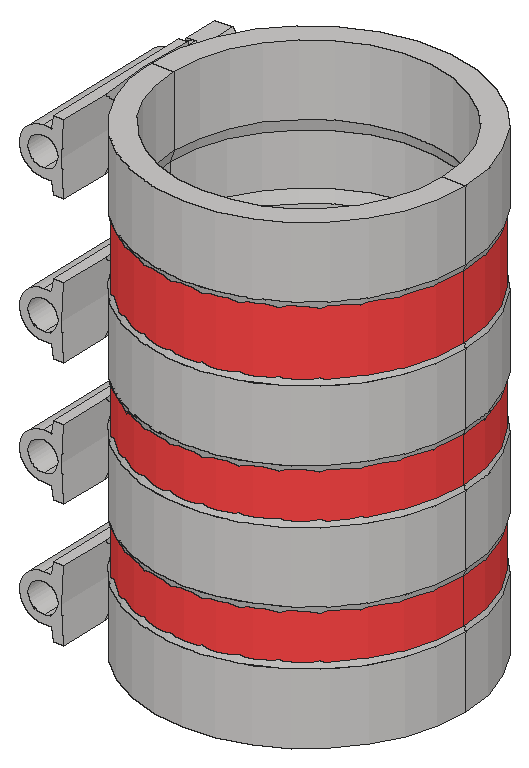
Revit family "MI-XHUB", category Pipe Accessories, Revit 2018
Family settings
  Round Connector Dimension = Use Diameter
  Part Type = Valve - Breaks Into
  Work Plane-Based = No
  Always vertical = Yes
  Cut with Voids When Loaded = No
  Shared = No
Parameters (values of type "MI-XHUB-2")
  W = 0' - 0 29/64"
  URL = "www.mifab.com"
  REDUCING DIAMETER = 0' - 2"
  Option 4 = no
  Option 3 = no
  Option 2 = no
  Option 1 = yes
  Model = "MI-XHUB-43"
  Manufacturer = "MIFAB"
  Diameter_3 = 1' - 3"
  Diameter_1 = 0' - 2"
  Diameter_2 = 0' - 5"
  Description = "Heavy Duty No Hub Coupling"
  C4 OR L4 = 0' - 4"
  C3 OR L3 = 0' - 5 55/128"
  C2 OR L2 = 0' - 4 5/8"
  C1 OR L1 = 0' - 3"
Types (13): name | W | REDUCING DIAMETER | Option 4 | Option 3 | Option 2 | Option 1 | Model | Diameter_3 | Diameter_1 | Diameter_2 | C4 OR L4
  MI-XHUB-2 | 0' - 0 29/64" | 0' - 2" | no | no | no | yes | "MI-XHUB-43" | 1' - 3" | 0' - 2" | 0' - 5" | 0' - 4"
  MI-XHUB-3 | 0' - 0 29/64" | 0' - 3" | no | no | no | yes | "MI-XHUB-3" | 1' - 3" | 0' - 3" | 0' - 5" | 0' - 3"
  MI-XHUB-32 | 0' - 0 29/64" | 0' - 2" | yes | no | no | no | "MI-XHUB-32" | 1' - 3" | 0' - 3" | 0' - 5" | 0' - 4"
  MI-XHUB-4 | 0' - 0 9/16" | 0' - 4" | no | no | no | yes | "MI-XHUB-4" | 1' - 3" | 0' - 4" | 0' - 5" | 0' - 3"
  MI-XHUB-42 | 0' - 0 9/16" | 0' - 2" | yes | no | no | no | "MI-XHUB-42" | 1' - 3" | 0' - 4" | 0' - 5" | 0' - 4"
  MI-XHUB-43 | 0' - 0 29/64" | 0' - 3" | yes | no | no | no | "MI-XHUB-43" | 1' - 3" | 0' - 4" | 0' - 5" | 0' - 4"
  MI-XHUB-5 | 0' - 0 9/16" | 0' - 3" | no | no | yes | no | "MI-XHUB-5" | 1' - 3" | 0' - 4" | 0' - 5" | 0' - 3"
  MI-XHUB-6 | 0' - 0 9/16" | 0' - 2" | no | no | yes | no | "MI-XHUB-6" | 1' - 3" | 0' - 2" | 0' - 6" | 0' - 3"
  MI-XHUB-10 | 0' - 0 9/16" | 0' - 2" | no | no | yes | no | "MI-XHUB-10" | 1' - 3" | 0' - 5" | 0' - 10" | 0' - 4 5/8"
  MI-XHUB-150 | 0' - 0 9/16" | 0' - 2" | no | no | no | yes | "MI-XHUB-150" | 1' - 3" | 0' - 1 1/2" | 0' - 5" | 0' - 3"
  MI-XHUB-12 | 0' - 0 9/16" | 0' - 2" | no | yes | no | no | "MI-XHUB-12" | 1' - 0" | 0' - 2" | 1' - 0" | 0' - 4 5/8"
  MI-XHUB-15 | 0' - 0 9/16" | 0' - 2" | no | yes | no | no | "MI-XHUB-15" | 1' - 3" | 0' - 10" | 0' - 5" | 0' - 4 5/8"
  MI-XHUB-8 | 0' - 0 9/16" | 0' - 2" | no | no | yes | no | "MI-XHUB-8" | 1' - 3" | 0' - 2" | 0' - 8" | 0' - 3"
Reference planes (in)
  plane 1 "Center (Front/Back)": y = 0
  plane 2: z = 0
  plane 3 "Center (Left/Right)": x = 0
  plane 4: z = 1.5
  plane 5: z = -1.5
Dimensions and locks (in)
  equal spacing: plane 4, level, plane 5
  "C1 OR L1": plane 4 to plane 5
  aligned and locked: plane 2 to level
  aligned and locked: plane 3 "Center (Left/Right)" to nested 2
  aligned and locked: plane 1 "Center (Front/Back)" to nested 2
  aligned and locked: plane 1 "Center (Front/Back)" to nested 1
  aligned and locked: plane 3 "Center (Left/Right)" to nested 1
  aligned and locked: plane 3 "Center (Left/Right)" to nested 3
  aligned and locked: nested 3 to level
  aligned and locked: plane 1 "Center (Front/Back)" to nested 3
  aligned and locked: plane 3 "Center (Left/Right)" to nested 4
  aligned and locked: plane 1 "Center (Front/Back)" to nested 4
Nested families (in)
  nested 1: "NO HUB COUPLINGS" at (0, 0, 0), visible <- "Option 1", type "MI-XHUB-150"
    with Diameter 0' - 2"
  nested 2: "NO HUB COUPLINGS_01" at (0, 0, 0), visible <- "Option 2", type "MI-XHUB-5"
  nested 3: "NO HUB COUPLINGS_02" at (0, 0, 0), visible <- "Option 3", type "MI-HUB-12"
  nested 4: "REDUCING" at (0, 0, 0), visible <- "Option 4", type "MI-XHUB-32"
    with Diameter 1 0' - 2"
Connectors (in)
  piping at (0, 0, -2.3125), diameter 5, driven by "Diameter_2"
    settings: on nested 2, index 1, connector inside diameter 24", connector length 0' - 0", flow factor 0, pipe flow 0 GPM, pressure drop 0.00 psi, fitting loss kfactor 0, connector angle 0.00°, fixture units 0, engagement length 0' - 0", angle of deflection 0.00°, flow configuration 0, flow direction 0, fitting loss method 0, system type 7, joint type 0, gender type 0, connector reference index -1, connector utility 0, adjustable connector no, is connector primary yes, connector description ""
  piping at (0, 0, 2.3125), diameter 5, driven by "Diameter_2"
    settings: on nested 2, index 2, connector inside diameter 24", connector length 0' - 0", flow factor 0, pipe flow 0 GPM, pressure drop 0.00 psi, fitting loss kfactor 0, connector angle 0.00°, fixture units 0, engagement length 0' - 0", angle of deflection 0.00°, flow configuration 0, flow direction 0, fitting loss method 0, system type 7, joint type 0, gender type 0, connector reference index -1, connector utility 0, adjustable connector no, is connector primary no, connector description ""
  piping at (0, 0, 1.5), diameter 2, driven by "Diameter_1"
    settings: on nested 1, index 3, connector inside diameter 24", connector length 0' - 0", flow factor 0, pipe flow 0 GPM, pressure drop 0.00 psi, fitting loss kfactor 0, connector angle 0.00°, fixture units 0, engagement length 0' - 0", angle of deflection 0.00°, flow configuration 0, flow direction 0, fitting loss method 0, system type 7, joint type 0, gender type 0, connector reference index -1, connector utility 0, adjustable connector no, is connector primary no, connector description ""
  piping at (0, 0, -1.5), diameter 2, driven by "Diameter_1"
    settings: on nested 1, index 4, connector inside diameter 24", connector length 0' - 0", flow factor 0, pipe flow 0 GPM, pressure drop 0.00 psi, fitting loss kfactor 0, connector angle 0.00°, fixture units 0, engagement length 0' - 0", angle of deflection 0.00°, flow configuration 0, flow direction 0, fitting loss method 0, system type 7, joint type 0, gender type 0, connector reference index -1, connector utility 0, adjustable connector no, is connector primary no, connector description ""
  piping at (0, 0, 2.71484), diameter 15, driven by "Diameter_3"
    settings: on nested 3, index 5, connector inside diameter 24", connector length 0' - 0", flow factor 0, pipe flow 0 GPM, pressure drop 0.00 psi, fitting loss kfactor 0, connector angle 0.00°, fixture units 0, engagement length 0' - 0", angle of deflection 0.00°, flow configuration 0, flow direction 0, fitting loss method 0, system type 7, joint type 0, gender type 0, connector reference index -1, connector utility 0, adjustable connector no, is connector primary no, connector description ""
  piping at (0, 0, -2.71484), diameter 15, driven by "Diameter_3"
    settings: on nested 3, index 6, connector inside diameter 24", connector length 0' - 0", flow factor 0, pipe flow 0 GPM, pressure drop 0.00 psi, fitting loss kfactor 0, connector angle 0.00°, fixture units 0, engagement length 0' - 0", angle of deflection 0.00°, flow configuration 0, flow direction 0, fitting loss method 0, system type 7, joint type 0, gender type 0, connector reference index -1, connector utility 0, adjustable connector no, is connector primary no, connector description ""
  piping at (0, 0, 2), diameter 2, driven by "REDUCING DIAMETER"
    settings: on nested 4, index 7, connector inside diameter 24", connector length 0' - 0", flow factor 0, pipe flow 0 GPM, pressure drop 0.00 psi, fitting loss kfactor 0, connector angle 0.00°, fixture units 0, engagement length 0' - 0", angle of deflection 0.00°, flow configuration 0, flow direction 0, fitting loss method 0, system type 7, joint type 0, gender type 0, connector reference index -1, connector utility 0, adjustable connector no, is connector primary no, connector description ""
  piping at (0, 0, -2), diameter 2, driven by "Diameter_1"
    settings: on nested 4, index 8, connector inside diameter 24", connector length 0' - 0", flow factor 0, pipe flow 0 GPM, pressure drop 0.00 psi, fitting loss kfactor 0, connector angle 0.00°, fixture units 0, engagement length 0' - 0", angle of deflection 0.00°, flow configuration 0, flow direction 0, fitting loss method 0, system type 7, joint type 0, gender type 0, connector reference index -1, connector utility 0, adjustable connector no, is connector primary no, connector description ""
Definition of nested family "NO HUB COUPLINGS"
  Parameters (values of type "MI-XHUB-150")
    W = 0' - 0 29/64"
    Diameter = 0' - 3"
    C OR L = 0' - 3"
  Types (4): name | W | Diameter
    MI-XHUB-150 | 0' - 0 29/64" | 0' - 3"
    MI-XHUB-2 | 0' - 0 9/16" | 0' - 2"
    MI-XHUB-3 | 0' - 0 29/64" | 0' - 3"
    MI-XHUB-4 | 0' - 0 9/16" | 0' - 4"
  Reference planes (in)
    plane 1 "Center (Front/Back)": y = 0
    plane 2: z = 0
    plane 3 "Center (Left/Right)": x = 0
    plane 4: x = -1.5
    plane 5: x = 1.5
    plane 6: z = 1.5
    plane 7: z = -1.5
    plane 8: x = 1.47219
    plane 9: x = 1.47219
    plane 10: x = 1.48828
    plane 11: x = 1.38472
    plane 12: x = 1.35691
    plane 13: z = -1.04688
    plane 14: z = -0.69276
    plane 15: z = -0.23963
    plane 16: z = 0.11448
    plane 17: z = 0.56761
    plane 18: z = 1.04687
  Forms (in)
    Revolve 1, solid, detail levels fine
      sketch origin (0, 0, 0) x (1, 0, 0) y (0, 0, 1)
        loop
          line (1.5, 1.04687) -> (1.5, 1.5) -> (1.35691, 1.5) -> (1.35691, 1.04687) -> (1.38472, 0.97273) -> (1.38472, 0.64175) -> (1.35691, 0.56761) -> (1.35691, 0.11448) -> (1.38472, 0.04033) -> (1.38472, -0.16549) -> (1.35691, -0.23963) -> (1.35691, -0.69276) -> (1.38472, -0.76691) -> (1.38472, -0.97273) -> (1.35691, -1.04688) -> (1.35691, -1.5) -> (1.5, -1.5) -> (1.5, -1.04688) -> (1.47219, -0.97273) -> (1.47219, -0.76691) -> (1.5, -0.69276) -> (1.5, -0.23963) -> (1.47219, -0.16549) -> (1.47219, 0.04033) -> (1.5, 0.11448) -> (1.5, 0.56761) -> (1.47219, 0.64175) -> (1.47219, 0.97273) -> (1.5, 1.04687)
        axis (0, 1.5) -> (0, -1.5)
      angle from 0 to 360
    Revolve 2, solid, detail levels fine
      sketch origin (0, 0, 0) x (1, 0, 0) y (0, 0, 1)
        loop
          line (1.47219, 0.64175) -> (1.48828, 0.59886) -> (1.48828, 1.01562) -> (1.47219, 0.97273) -> (1.47219, 0.64175)
        loop
          line (1.47219, 0.04033) -> (1.47219, -0.16549) -> (1.48828, -0.20838) -> (1.48828, 0.08323) -> (1.47219, 0.04033)
        loop
          line (1.47219, -0.76691) -> (1.47219, -0.97273) -> (1.48828, -1.01563) -> (1.48828, -0.72401) -> (1.47219, -0.76691)
        axis (0, 1.01563) -> (0, -1.01563)
      angle from 0 to 360
  Dimensions and locks (in)
    equal spacing: plane 4, plane 3 "Center (Left/Right)", plane 5
    "Diameter": plane 4 to plane 5
    equal spacing: plane 6, level, plane 7
    "C OR L": plane 6 to plane 7
    locked: plane 8 to plane 5 at 0.02781
    locked: plane 10 to plane 5 at 0.01172
    locked: plane 9 to plane 5 at 0.02781
    locked: plane 11 to plane 5 at 0.11528
    locked: plane 12 to plane 5 at 0.14309
    "W": plane 13 to plane 7
    "W": plane 15 to plane 14
    "W": plane 17 to plane 16
    "W": plane 6 to plane 18
    locked: Revolve 1 sketch curve to plane 17 at 0.07415  (x2)
    locked: plane 18 to Revolve 1 sketch curve at 0.07415  (x2)
    locked: Revolve 1 sketch curve to plane 13 at 0.07415  (x2)
    locked: plane 14 to Revolve 1 sketch curve at 0.07415  (x2)
    locked: plane 16 to Revolve 1 sketch curve at 0.07415  (x2)
    locked: Revolve 1 sketch curve to plane 15 at 0.07415  (x2)
    locked: Revolve 2 sketch curve to Revolve 1 at 0.0429  (x3)
    locked: Revolve 1 to Revolve 2 sketch curve at 0.0429  (x3)
    nested 2 to nested 2 = 0' - 1 7/16"
    aligned and locked: plane 2 to level
    aligned and locked: Revolve 1 sketch curve to plane 5  (x3)
    aligned and locked: plane 5 to Revolve 1 sketch curve
    aligned and locked: Revolve 1 sketch curve to plane 8  (x3)
    aligned and locked: plane 7 to Revolve 1 sketch curve
    aligned and locked: Revolve 1 to plane 6
    aligned and locked: Revolve 1 to plane 7
    aligned and locked: Revolve 2 sketch curve to plane 9  (x3)
    aligned and locked: plane 10 to Revolve 2 sketch curve  (x3)
    aligned and locked: Revolve 1 sketch curve to plane 11  (x3)
    aligned and locked: Revolve 1 sketch curve to plane 12  (x4)
    aligned and locked: plane 18 to Revolve 1 sketch curve  (x2)
    aligned and locked: plane 17 to Revolve 1 sketch curve  (x2)
    aligned and locked: plane 16 to Revolve 1 sketch curve  (x2)
    aligned and locked: plane 15 to Revolve 1 sketch curve  (x2)
    aligned and locked: plane 14 to Revolve 1 sketch curve  (x2)
    aligned and locked: plane 13 to Revolve 1 sketch curve  (x2)
    aligned and locked: Revolve 2 sketch curve to Revolve 1  (x6)
    aligned and locked: plane 16 to nested 1
    aligned and locked: nested 1 to plane 17
    aligned and locked: plane 1 "Center (Front/Back)" to nested 1
    aligned and locked: plane 7 to nested 4
    aligned and locked: nested 4 to plane 13
    aligned and locked: plane 14 to nested 3
    aligned and locked: nested 3 to plane 15
    aligned and locked: plane 18 to nested 2
    aligned and locked: nested 2 to plane 6
    aligned and locked: plane 4 to nested 2
    aligned and locked: plane 4 to nested 3
    aligned and locked: plane 4 to nested 4
    aligned and locked: plane 4 to nested 1
  Automatic sketch dimensions
    Revolve 1 sketch curve to plane 3 "Center (Left/Right)" = 0' - 0"
    Revolve 1 sketch curve to plane 6 = 0' - 0"
    plane 7 to Revolve 1 sketch curve = 0' - 1.11811"
    Revolve 1 sketch curve to plane 6 = 0' - 6.92344"
    Revolve 2 sketch curve to plane 3 "Center (Left/Right)" = 0' - 0"
    plane 10 to Revolve 2 sketch curve = 0' - 0"
    plane 7 to Revolve 2 sketch curve = 0' - 1.11811"
    Revolve 2 sketch curve to plane 6 = 0' - 6.92344"
  Nested families (in)
    nested 1: "HEX HEAD" at (1.49653, 0, 0.34104) x (0, -1, 0) z (0, 0, 1), type "HEX HEAD", detail levels fine
      with W 0' - 0 29/64"
    nested 2: "HEX HEAD" at (1.49653, 0, 1.27343) x (0, -1, 0) z (0, 0, 1), type "HEX HEAD", detail levels fine
      with W 0' - 0 29/64"
    nested 3: "HEX HEAD" at (1.49653, 0, -0.4662) x (0, -1, 0) z (0, 0, 1), type "HEX HEAD", detail levels fine
      with W 0' - 0 29/64"
    nested 4: "HEX HEAD" at (1.49653, 0, -1.27344) x (0, -1, 0) z (0, 0, 1), type "HEX HEAD", detail levels fine
      with W 0' - 0 29/64"
  Connectors (in)
    piping at (0, 0, 1.5), diameter 3, driven by "Diameter"
      settings: on Revolve 1, index 1, connector inside diameter 24", connector length 0' - 0", flow factor 0, pipe flow 0 GPM, pressure drop 0.00 psi, fitting loss kfactor 0, connector angle 0.00°, fixture units 0, engagement length 0' - 0", angle of deflection 0.00°, flow configuration 0, flow direction 0, fitting loss method 0, system type 7, joint type 0, gender type 0, connector reference index -1, connector utility 0, adjustable connector no, is connector primary yes, connector description ""
    piping at (0, 0, -1.5), diameter 3, driven by "Diameter"
      settings: on Revolve 1, index 2, connector inside diameter 24", connector length 0' - 0", flow factor 0, pipe flow 0 GPM, pressure drop 0.00 psi, fitting loss kfactor 0, connector angle 0.00°, fixture units 0, engagement length 0' - 0", angle of deflection 0.00°, flow configuration 0, flow direction 0, fitting loss method 0, system type 7, joint type 0, gender type 0, connector reference index -1, connector utility 0, adjustable connector no, is connector primary no, connector description ""
  Definition of nested family "HEX HEAD"
    Parameters (values of type "HEX HEAD")
      W = 0' - 0 9/16"
      Material = none
    Reference planes (in)
      plane 1 "Center (Front/Back)": y = 0
      plane 2: z = 0.00001
      plane 3 "Center (Left/Right)": x = 0
      plane 4: z = 0.875
      plane 5: y = -2.99653
      plane 6: x = -1.10699
    Forms (in)
      Extrusion 1, solid, material <- "Material"
        sketch origin (-0.71395, -4.7148, 0.00001) x (0, 0, -1) y (0, 1, 0)
          loop
            line (0.09633, 1.66264) -> (0, 1.71826) -> (-0.09633, 1.66264) -> (-0.09633, 1.55141) -> (0, 1.49579) -> (0.09633, 1.55141) -> (0.09633, 1.66264)
        from 0 to 0.22467
      Extrusion 2, void
        sketch origin (-0.00001, 0, 0.00001) x (0, -1, 0) y (1, 0, 0)
          loop
            circle (0, 0) r 3
        from -5.70489 to 12
      Extrusion 3, solid, material <- "Material"
        sketch origin (-0.15145, -1.50075, 0.00001) x (0, 0, 1) y (0, -1, 0)
          loop
            line (0.28125, 1.4734) -> (0.28125, 1.54095)
            arc (0.28125, 1.54095) -> (0.24253, 1.54752) -> (0.20365, 1.55311) r 1.56641
            line (0.20365, 1.55311) -> (0.20365, 1.60703)
            arc (0.20365, 1.60703) -> (0, 1.81068) -> (-0.20365, 1.60703) r 0.20365
            line (-0.20365, 1.60703) -> (-0.20365, 1.55311)
            arc (-0.20365, 1.55311) -> (-0.24253, 1.54752) -> (-0.28125, 1.54095) r 1.56641
            line (-0.28125, 1.54095) -> (-0.28125, 1.4734)
            arc (-0.28125, 1.4734) -> (0, 1.5) -> (0.28125, 1.4734) r 1.5
          loop
            circle (0, 1.60703) r 0.09633
        from -0.12407 to 0.875
      Extrusion 4, solid, material <- "Material"
        sketch origin (-0.71395, -4.7148, 0.00001) x (0, 0, -1) y (0, 1, 0)
          loop
            circle (0, 1.60703) r 0.09633
        from 0.22467 to 0.43843
    Cuts and joins
      Extrusion 2 cuts Extrusion 3
    Dimensions and locks (in)
      plane 4 to level = 0' - 0 7/8"
      level to plane 4 = 0' - 0 7/8"
      "W": Extrusion 3 sketch curve to Extrusion 3 sketch curve
      equal spacing: cut or joined group of Extrusion 2, Extrusion 3, plane 2, cut or joined group of Extrusion 2, Extrusion 3
      cut or joined group of Extrusion 2, Extrusion 3 to Extrusion 1 = 0' - 1 7/16"
      diameter of Extrusion 2 sketch curve = 0' - 6"
      aligned and locked: plane 2 to level
    Automatic sketch dimensions
      Extrusion 1 sketch curve to plane 5 = 0' - 0"
      level to Extrusion 1 sketch curve = 0' - 0.09634"
      level to Extrusion 1 sketch curve = 0' - 0"  (x2)
      Extrusion 1 sketch curve to level = 0' - 0.09633"
      Extrusion 1 sketch curve to plane 5 = 0' - 0.05562"  (x2)
      Extrusion 1 sketch curve to Extrusion 1 sketch curve = 0' - 0.11124"  (x2)
      Extrusion 1 sketch curve to Extrusion 1 sketch curve = 0' - 0.05562"
      plane 1 "Center (Front/Back)" to Extrusion 2 sketch curve = 0' - 0"
      Extrusion 2 sketch curve to plane 3 "Center (Left/Right)" = 0' - 0"
      level to Extrusion 4 sketch curve = 0' - 0"
      Extrusion 4 sketch curve to plane 5 = 0' - 0.11124"
      Extrusion 3 sketch curve to Extrusion 3 sketch curve = 0' - 0"  (x8)
      Extrusion 3 sketch curve to plane 2 = 0' - 0"  (x2)
      Extrusion 3 sketch curve to level = 0' - 0.20365"
      plane 5 to Extrusion 3 sketch curve = 0' - 0.02239"
      Extrusion 3 sketch curve to Extrusion 3 sketch curve = 0' - 0.0776"
      plane 5 to Extrusion 3 sketch curve = 0' - 1.49579"
      Extrusion 3 sketch curve to plane 5 = 0' - 0.04516"  (x2)
      Extrusion 3 sketch curve to plane 5 = 0' - 0.11124"
      radius of Extrusion 4 sketch curve = 0' - 0.09633"
      radius of Extrusion 3 sketch curve = 0' - 0.09633"
Definition of nested family "NO HUB COUPLINGS_01"
  Parameters (values of type "MI-HUB-8")
    W = 0' - 0 29/64"
    Diameter = 0' - 5"
    C OR L = 0' - 4 5/8"
  Types (6): name | W | Diameter
    MI-XHUB-5 | 0' - 0 29/64" | 0' - 5"
    MI-HUB-6 | 0' - 0 29/64" | 0' - 5"
    MI-HUB-8 | 0' - 0 29/64" | 0' - 5"
    MI-HUB-10 | 0' - 0 9/16" | 0' - 10"
    MI-HUB-12 | 0' - 0 9/16" | 1' - 0"
    MI-XHUB-5" | 0' - 0 29/64" | 0' - 5"
  Reference planes (in)
    plane 1 "Center (Front/Back)": y = 0
    plane 2: z = 0
    plane 3 "Center (Left/Right)": x = 0
    plane 4: x = -2.5
    plane 5: x = 2.5
    plane 6: z = 2.3125
    plane 7: z = -2.3125
    plane 8: x = 2.47219
    plane 9: x = 2.47219
    plane 10: x = 2.48828
    plane 11: x = 2.38472
    plane 12: x = 2.35691
    plane 13: z = -1.85938
    plane 14: z = -0.75394
    plane 15: z = -0.30081
    plane 16: z = 0.1752
    plane 17: z = 0.62832
    plane 18: z = 1.85937
    plane 19: z = 0.9626
    plane 20: z = 1.41572
    plane 21: z = 1.85937
    plane 22: z = -0.97884
    plane 23: z = -1.43196
  Forms (in)
    Revolve 1, solid, detail levels fine
      sketch origin (0, 0, 0) x (1, 0, 0) y (0, 0, 1)
        loop
          line (2.5, 0.9626) -> (2.5, 1.41572) -> (2.47219, 1.48987) -> (2.47219, 1.78523) -> (2.5, 1.85937) -> (2.5, 2.3125) -> (2.35691, 2.3125) -> (2.35691, 1.85937) -> (2.38472, 1.78523) -> (2.38472, 1.48987) -> (2.35691, 1.41572) -> (2.35691, 0.9626) -> (2.38472, 0.88845) -> (2.38472, 0.70247) -> (2.35691, 0.62832) -> (2.35691, 0.1752) -> (2.38472, 0.10105) -> (2.38472, -0.22667) -> (2.35691, -0.30081) -> (2.35691, -0.75394) -> (2.38472, -0.82808) -> (2.38472, -0.90469) -> (2.35691, -0.97884) -> (2.35691, -1.43196) -> (2.38472, -1.50611) -> (2.38472, -1.78523) -> (2.35691, -1.85938) -> (2.35691, -2.3125) -> (2.5, -2.3125) -> (2.5, -1.85938) -> (2.47219, -1.78523) -> (2.47219, -1.50611) -> (2.5, -1.43196) -> (2.5, -0.97884) -> (2.47219, -0.90469) -> (2.47219, -0.82808) -> (2.5, -0.75394) -> (2.5, -0.30081) -> (2.47219, -0.22667) -> (2.47219, 0.10105) -> (2.5, 0.1752) -> (2.5, 0.62832) -> (2.47219, 0.70247) -> (2.47219, 0.88845) -> (2.5, 0.9626)
        axis (0, 2.3125) -> (0, -2.3125)
      angle from 0 to 360
    Revolve 2, solid, detail levels fine
      sketch origin (0, 0, 0) x (1, 0, 0) y (0, 0, 1)
        loop
          line (2.47219, 0.70247) -> (2.48828, 0.65957) -> (2.48828, 0.93135) -> (2.47219, 0.88845) -> (2.47219, 0.70247)
        loop
          line (2.47219, 0.10105) -> (2.47219, -0.22667) -> (2.48828, -0.26956) -> (2.48828, 0.14395) -> (2.47219, 0.10105)
        loop
          line (2.47219, -0.82808) -> (2.47219, -0.90469) -> (2.48828, -0.94759) -> (2.48828, -0.78519) -> (2.47219, -0.82808)
        loop
          line (2.47219, -1.78523) -> (2.48828, -1.82813) -> (2.48828, -1.46321) -> (2.47219, -1.50611) -> (2.47219, -1.78523)
        loop
          line (2.47219, 1.48987) -> (2.48828, 1.44697) -> (2.48828, 1.82812) -> (2.47219, 1.78523) -> (2.47219, 1.48987)
        axis (0, 1.82812) -> (0, -1.82813)
      angle from 0 to 360
  Dimensions and locks (in)
    equal spacing: plane 4, plane 3 "Center (Left/Right)", plane 5
    "Diameter": plane 4 to plane 5
    equal spacing: plane 6, level, plane 7
    "C OR L": plane 6 to plane 7
    locked: plane 8 to plane 5 at 0.02781
    locked: plane 10 to plane 5 at 0.01172
    locked: plane 9 to plane 5 at 0.02781
    locked: plane 11 to plane 5 at 0.11528
    locked: plane 12 to plane 5 at 0.14309
    "W": plane 13 to plane 7
    "W": plane 15 to plane 14
    "W": plane 17 to plane 16
    locked: Revolve 1 sketch curve to plane 17 at 0.07415  (x2)
    locked: Revolve 1 sketch curve to plane 13 at 0.07415  (x2)
    locked: plane 14 to Revolve 1 sketch curve at 0.07415  (x2)
    locked: plane 16 to Revolve 1 sketch curve at 0.07415  (x2)
    locked: Revolve 1 sketch curve to plane 15 at 0.07415  (x2)
    locked: Revolve 2 sketch curve to Revolve 1 at 0.0429  (x5)
    locked: Revolve 1 to Revolve 2 sketch curve at 0.0429  (x5)
    "W": plane 20 to plane 19
    locked: plane 19 to Revolve 1 sketch curve at 0.07415  (x2)
    locked: plane 18 to Revolve 1 sketch curve at 0.07415  (x2)
    locked: Revolve 1 sketch curve to plane 20 at 0.07415  (x2)
    plane 13 to plane 7 = 0' - 0 29/64"
    "W": plane 6 to plane 21
    "W": plane 22 to plane 23
    locked: Revolve 1 sketch curve to plane 22 at 0.07415  (x2)
    locked: plane 23 to Revolve 1 sketch curve at 0.07415  (x2)
    aligned and locked: plane 2 to level
    aligned and locked: Revolve 1 sketch curve to plane 5  (x3)
    aligned and locked: plane 5 to Revolve 1 sketch curve  (x2)
    aligned and locked: Revolve 1 sketch curve to plane 8  (x4)
    aligned and locked: plane 7 to Revolve 1 sketch curve
    aligned and locked: Revolve 1 to plane 6
    aligned and locked: Revolve 1 to plane 7
    aligned and locked: Revolve 2 sketch curve to plane 9  (x4)
    aligned and locked: plane 10 to Revolve 2 sketch curve  (x4)
    aligned and locked: Revolve 1 sketch curve to plane 11  (x4)
    aligned and locked: Revolve 1 sketch curve to plane 12  (x4)
    aligned and locked: plane 17 to Revolve 1 sketch curve  (x2)
    aligned and locked: plane 16 to Revolve 1 sketch curve  (x2)
    aligned and locked: plane 15 to Revolve 1 sketch curve  (x2)
    aligned and locked: plane 14 to Revolve 1 sketch curve  (x2)
    aligned and locked: plane 13 to Revolve 1 sketch curve  (x2)
    aligned and locked: Revolve 2 sketch curve to Revolve 1  (x10)
    aligned and locked: plane 16 to nested 1
    aligned and locked: nested 1 to plane 17
    aligned and locked: plane 1 "Center (Front/Back)" to nested 1
    aligned and locked: plane 7 to nested 4
    aligned and locked: nested 4 to plane 13
    aligned and locked: plane 14 to nested 3
    aligned and locked: nested 3 to plane 15
    aligned and locked: plane 18 to nested 2
    aligned and locked: plane 4 to nested 2
    aligned and locked: plane 4 to nested 3
    aligned and locked: plane 4 to nested 4
    aligned and locked: plane 4 to nested 1
    aligned and locked: plane 19 to Revolve 1 sketch curve  (x2)
    aligned and locked: plane 21 to plane 18
    aligned and locked: plane 20 to Revolve 1 sketch curve  (x2)
    aligned and locked: plane 18 to Revolve 1 sketch curve  (x2)
    aligned and locked: plane 21 to nested 2
    aligned and locked: nested 5 to plane 20
    aligned and locked: plane 19 to nested 5
    aligned and locked: plane 4 to nested 5
    aligned and locked: plane 22 to Revolve 1 sketch curve  (x2)
    aligned and locked: plane 23 to Revolve 1 sketch curve  (x2)
    aligned and locked: plane 12 to Revolve 1 sketch curve
    aligned and locked: plane 23 to nested 6
    aligned and locked: nested 6 to plane 22
    aligned and locked: plane 1 "Center (Front/Back)" to nested 2
    aligned and locked: plane 1 "Center (Front/Back)" to nested 5
    aligned and locked: plane 1 "Center (Front/Back)" to nested 3
    aligned and locked: plane 1 "Center (Front/Back)" to nested 6
    aligned and locked: plane 1 "Center (Front/Back)" to nested 4
    aligned and locked: plane 4 to nested 6
  Automatic sketch dimensions
    Revolve 1 sketch curve to plane 3 "Center (Left/Right)" = 0' - 0"
    Revolve 1 sketch curve to plane 6 = 0' - 0"
    plane 12 to Revolve 1 sketch curve = 0' - 0"
    Revolve 1 sketch curve to plane 11 = 0' - 0"
    plane 8 to Revolve 1 sketch curve = 0' - 0"
    plane 5 to Revolve 1 sketch curve = 0' - 0"
    plane 7 to Revolve 1 sketch curve = 0' - 1.11811"
    Revolve 1 sketch curve to plane 6 = 0' - 6.92344"
    Revolve 2 sketch curve to plane 3 "Center (Left/Right)" = 0' - 0"
    plane 10 to Revolve 2 sketch curve = 0' - 0"  (x2)
    plane 7 to Revolve 2 sketch curve = 0' - 1.11811"
    Revolve 2 sketch curve to plane 6 = 0' - 6.92344"
    plane 9 to Revolve 2 sketch curve = 0' - 0"
  Nested families (in)
    nested 1: "HEX HEAD" at (0.49653, 0, 0.40175) x (0, -1, 0) z (0, 0, 1), type "HEX HEAD", detail levels fine
      with W 0' - 0 29/64"
    nested 2: "HEX HEAD" at (0.49653, 0, 2.08593) x (0, -1, 0) z (0, 0, 1), type "HEX HEAD", detail levels fine
      with W 0' - 0 29/64"
    nested 3: "HEX HEAD" at (0.49653, 0, -0.52738) x (0, -1, 0) z (0, 0, 1), type "HEX HEAD", detail levels fine
      with W 0' - 0 29/64"
    nested 4: "HEX HEAD" at (0.49653, 0, -2.08594) x (0, -1, 0) z (0, 0, 1), type "HEX HEAD", detail levels fine
      with W 0' - 0 29/64"
    nested 5: "HEX HEAD" at (0.49653, 0, 1.18915) x (0, -1, 0) z (0, 0, 1), type "HEX HEAD", detail levels fine
      with W 0' - 0 29/64"
    nested 6: "HEX HEAD" at (0.49653, 0, -1.20541) x (0, -1, 0) z (0, 0, 1), type "HEX HEAD", detail levels fine
      with W 0' - 0 29/64"
  Connectors (in)
    piping at (0, 0, -2.3125), diameter 5, driven by "Diameter"
      settings: on Revolve 1, index 1, connector inside diameter 24", connector length 0' - 0", flow factor 0, pipe flow 0 GPM, pressure drop 0.00 psi, fitting loss kfactor 0, connector angle 0.00°, fixture units 0, engagement length 0' - 0", angle of deflection 0.00°, flow configuration 0, flow direction 0, fitting loss method 0, system type 7, joint type 0, gender type 0, connector reference index -1, connector utility 0, adjustable connector no, is connector primary yes, connector description ""
    piping at (0, 0, 2.3125), diameter 5, driven by "Diameter"
      settings: on Revolve 1, index 2, connector inside diameter 24", connector length 0' - 0", flow factor 0, pipe flow 0 GPM, pressure drop 0.00 psi, fitting loss kfactor 0, connector angle 0.00°, fixture units 0, engagement length 0' - 0", angle of deflection 0.00°, flow configuration 0, flow direction 0, fitting loss method 0, system type 7, joint type 0, gender type 0, connector reference index -1, connector utility 0, adjustable connector no, is connector primary no, connector description ""
  Definition of nested family "HEX HEAD"
    Parameters (values of type "HEX HEAD")
      W = 0' - 0 9/16"
      Material = none
    Reference planes (in)
      plane 1 "Center (Front/Back)": y = 0
      plane 2: z = 0.00001
      plane 3 "Center (Left/Right)": x = 0
      plane 4: z = 0.875
      plane 5: y = -2.99653
      plane 6: x = -1.10699
    Forms (in)
      Extrusion 1, solid, material <- "Material"
        sketch origin (-0.71395, -4.7148, 0.00001) x (0, 0, -1) y (0, 1, 0)
          loop
            line (0.09633, 1.66264) -> (0, 1.71826) -> (-0.09633, 1.66264) -> (-0.09633, 1.55141) -> (0, 1.49579) -> (0.09633, 1.55141) -> (0.09633, 1.66264)
        from 0 to 0.22467
      Extrusion 2, void
        sketch origin (-0.00001, 0, 0.00001) x (0, -1, 0) y (1, 0, 0)
          loop
            circle (0, 0) r 3
        from -5.70489 to 12
      Extrusion 3, solid, material <- "Material"
        sketch origin (-0.15145, -1.50075, 0.00001) x (0, 0, 1) y (0, -1, 0)
          loop
            line (0.28125, 1.4734) -> (0.28125, 1.54095)
            arc (0.28125, 1.54095) -> (0.24253, 1.54752) -> (0.20365, 1.55311) r 1.56641
            line (0.20365, 1.55311) -> (0.20365, 1.60703)
            arc (0.20365, 1.60703) -> (0, 1.81068) -> (-0.20365, 1.60703) r 0.20365
            line (-0.20365, 1.60703) -> (-0.20365, 1.55311)
            arc (-0.20365, 1.55311) -> (-0.24253, 1.54752) -> (-0.28125, 1.54095) r 1.56641
            line (-0.28125, 1.54095) -> (-0.28125, 1.4734)
            arc (-0.28125, 1.4734) -> (0, 1.5) -> (0.28125, 1.4734) r 1.5
          loop
            circle (0, 1.60703) r 0.09633
        from -0.12407 to 0.875
      Extrusion 4, solid, material <- "Material"
        sketch origin (-0.71395, -4.7148, 0.00001) x (0, 0, -1) y (0, 1, 0)
          loop
            circle (0, 1.60703) r 0.09633
        from 0.22467 to 0.43843
    Cuts and joins
      Extrusion 2 cuts Extrusion 3
    Dimensions and locks (in)
      plane 4 to level = 0' - 0 7/8"
      level to plane 4 = 0' - 0 7/8"
      "W": Extrusion 3 sketch curve to Extrusion 3 sketch curve
      equal spacing: cut or joined group of Extrusion 2, Extrusion 3, plane 2, cut or joined group of Extrusion 2, Extrusion 3
      cut or joined group of Extrusion 2, Extrusion 3 to Extrusion 1 = 0' - 1 7/16"
      diameter of Extrusion 2 sketch curve = 0' - 6"
      aligned and locked: plane 2 to level
    Automatic sketch dimensions
      Extrusion 1 sketch curve to plane 5 = 0' - 0"
      level to Extrusion 1 sketch curve = 0' - 0.09634"
      level to Extrusion 1 sketch curve = 0' - 0"  (x2)
      Extrusion 1 sketch curve to level = 0' - 0.09633"
      Extrusion 1 sketch curve to plane 5 = 0' - 0.05562"  (x2)
      Extrusion 1 sketch curve to Extrusion 1 sketch curve = 0' - 0.11124"  (x2)
      Extrusion 1 sketch curve to Extrusion 1 sketch curve = 0' - 0.05562"
      plane 1 "Center (Front/Back)" to Extrusion 2 sketch curve = 0' - 0"
      Extrusion 2 sketch curve to plane 3 "Center (Left/Right)" = 0' - 0"
      level to Extrusion 4 sketch curve = 0' - 0"
      Extrusion 4 sketch curve to plane 5 = 0' - 0.11124"
      Extrusion 3 sketch curve to Extrusion 3 sketch curve = 0' - 0"  (x8)
      Extrusion 3 sketch curve to plane 2 = 0' - 0"  (x2)
      Extrusion 3 sketch curve to level = 0' - 0.20365"
      plane 5 to Extrusion 3 sketch curve = 0' - 0.02239"
      Extrusion 3 sketch curve to Extrusion 3 sketch curve = 0' - 0.0776"
      plane 5 to Extrusion 3 sketch curve = 0' - 1.49579"
      Extrusion 3 sketch curve to plane 5 = 0' - 0.04516"  (x2)
      Extrusion 3 sketch curve to plane 5 = 0' - 0.11124"
      radius of Extrusion 4 sketch curve = 0' - 0.09633"
      radius of Extrusion 3 sketch curve = 0' - 0.09633"
Definition of nested family "NO HUB COUPLINGS_02"
  Parameters (values of type "MI-HUB-15")
    W = 0' - 0 5/8"
    Diameter = 1' - 3"
    C OR L = 0' - 5 55/128"
  Types (2): name
    MI-HUB-12
    MI-HUB-15
  Reference planes (in)
    plane 1 "Center (Front/Back)": y = 0
    plane 2: z = 0
    plane 3 "Center (Left/Right)": x = 0
    plane 4: x = -7.5
    plane 5: x = 7.5
    plane 6: z = 2.71484
    plane 7: z = -2.71484
    plane 8: x = 7.47219
    plane 9: x = 7.47219
    plane 10: x = 7.48828
    plane 11: x = 7.38472
    plane 12: x = 7.35691
    plane 13: z = -2.08984
    plane 14: z = -1.72875
    plane 15: z = -1.10375
    plane 16: z = -0.78516
    plane 17: z = -0.16016
    plane 18: z = 1.10281
    plane 19: z = 0.16234
    plane 20: z = 0.78734
    plane 21: z = 1.10281
    plane 22: z = 1.72781
    plane 23: z = 2.08984
    plane 24: z = 0
  Forms (in)
    Revolve 1, solid, detail levels fine
      sketch origin (0, 0, 0) x (1, 0, 0) y (0, 0, 1)
        loop
          line (7.5, 0.16234) -> (7.5, 0.78734) -> (7.47219, 0.86149) -> (7.47219, 1.02867) -> (7.5, 1.10281) -> (7.5, 1.72781) -> (7.47219, 1.80196) -> (7.47219, 2.0157) -> (7.5, 2.08984) -> (7.5, 2.71484) -> (7.35691, 2.71484) -> (7.35691, 2.08984) -> (7.38472, 2.0157) -> (7.38472, 1.80196) -> (7.35691, 1.72781) -> (7.35691, 1.10281) -> (7.38472, 1.02867) -> (7.38472, 0.86149) -> (7.35691, 0.78734) -> (7.35691, 0.16234) -> (7.38472, 0.0882) -> (7.38472, -0.08601) -> (7.35691, -0.16016) -> (7.35691, -0.78516) -> (7.38472, -0.8593) -> (7.38472, -1.0296) -> (7.35691, -1.10375) -> (7.35691, -1.72875) -> (7.38472, -1.8029) -> (7.38472, -2.0157) -> (7.35691, -2.08984) -> (7.35691, -2.71484) -> (7.5, -2.71484) -> (7.5, -2.08984) -> (7.47219, -2.0157) -> (7.47219, -1.8029) -> (7.5, -1.72875) -> (7.5, -1.10375) -> (7.47219, -1.0296) -> (7.47219, -0.8593) -> (7.5, -0.78516) -> (7.5, -0.16016) -> (7.47219, -0.08601) -> (7.47219, 0.0882) -> (7.5, 0.16234)
        axis (0, 2.71484) -> (0, -2.71484)
      angle from 0 to 360
    Revolve 2, solid, detail levels fine
      sketch origin (0, 0, 0) x (1, 0, 0) y (0, 0, 1)
        loop
          line (7.47219, -0.08601) -> (7.48828, -0.12891) -> (7.48828, 0.13109) -> (7.47219, 0.0882) -> (7.47219, -0.08601)
        loop
          line (7.47219, -0.8593) -> (7.47219, -1.0296) -> (7.48828, -1.0725) -> (7.48828, -0.81641) -> (7.47219, -0.8593)
        loop
          line (7.47219, -1.8029) -> (7.47219, -2.0157) -> (7.48828, -2.05859) -> (7.48828, -1.76) -> (7.47219, -1.8029)
        loop
          line (7.47219, 0.86149) -> (7.48828, 0.81859) -> (7.48828, 1.07156) -> (7.47219, 1.02867) -> (7.47219, 0.86149)
        loop
          line (7.47219, 1.80196) -> (7.48828, 1.75906) -> (7.48828, 2.05859) -> (7.47219, 2.0157) -> (7.47219, 1.80196)
        axis (0, 2.05859) -> (0, -2.05859)
      angle from 0 to 360
  Dimensions and locks (in)
    equal spacing: plane 4, plane 3 "Center (Left/Right)", plane 5
    "Diameter": plane 4 to plane 5
    equal spacing: plane 6, level, plane 7
    "C OR L": plane 6 to plane 7
    locked: plane 8 to plane 5 at 0.02781
    locked: plane 10 to plane 5 at 0.01172
    locked: plane 9 to plane 5 at 0.02781
    locked: plane 11 to plane 5 at 0.11528
    locked: plane 12 to plane 5 at 0.14309
    "W": plane 13 to plane 7
    "W": plane 15 to plane 14
    "W": plane 17 to plane 16
    locked: Revolve 1 sketch curve to plane 17 at 0.07415  (x2)
    locked: Revolve 1 sketch curve to plane 13 at 0.07415  (x2)
    locked: plane 14 to Revolve 1 sketch curve at 0.07415  (x2)
    locked: plane 16 to Revolve 1 sketch curve at 0.07415  (x2)
    locked: Revolve 1 sketch curve to plane 15 at 0.07415  (x2)
    locked: Revolve 2 sketch curve to Revolve 1 at 0.0429  (x5)
    locked: Revolve 1 to Revolve 2 sketch curve at 0.0429  (x5)
    "W": plane 20 to plane 19
    locked: plane 19 to Revolve 1 sketch curve at 0.07415  (x2)
    "W": plane 22 to plane 21
    locked: plane 18 to Revolve 1 sketch curve at 0.07415  (x2)
    locked: Revolve 1 sketch curve to plane 20 at 0.07415  (x2)
    locked: Revolve 1 sketch curve to plane 22 at 0.07415  (x2)
    locked: plane 23 to Revolve 1 sketch curve at 0.07415  (x2)
    "W": plane 6 to plane 23
    aligned and locked: plane 2 to level
    aligned and locked: Revolve 1 sketch curve to plane 5  (x3)
    aligned and locked: plane 5 to Revolve 1 sketch curve
    aligned and locked: Revolve 1 sketch curve to plane 8  (x3)
    aligned and locked: plane 7 to Revolve 1 sketch curve
    aligned and locked: Revolve 1 to plane 6
    aligned and locked: Revolve 1 to plane 7
    aligned and locked: Revolve 2 sketch curve to plane 9  (x4)
    aligned and locked: plane 10 to Revolve 2 sketch curve  (x5)
    aligned and locked: Revolve 1 sketch curve to plane 11  (x3)
    aligned and locked: Revolve 1 sketch curve to plane 12  (x4)
    aligned and locked: plane 17 to Revolve 1 sketch curve  (x2)
    aligned and locked: plane 16 to Revolve 1 sketch curve  (x2)
    aligned and locked: plane 15 to Revolve 1 sketch curve  (x2)
    aligned and locked: plane 14 to Revolve 1 sketch curve  (x2)
    aligned and locked: plane 13 to Revolve 1 sketch curve  (x2)
    aligned and locked: Revolve 2 sketch curve to Revolve 1  (x10)
    aligned and locked: plane 19 to Revolve 1 sketch curve  (x2)
    aligned and locked: plane 21 to plane 18
    aligned and locked: plane 20 to Revolve 1 sketch curve  (x2)
    aligned and locked: plane 18 to Revolve 1 sketch curve  (x2)
    aligned and locked: plane 7 to nested 4
    aligned and locked: nested 3 to plane 14
    aligned and locked: nested 1 to plane 16
    aligned and locked: nested 5 to plane 19
    aligned and locked: nested 2 to plane 21
    aligned and locked: plane 4 to nested 6
    aligned and locked: plane 4 to nested 2
    aligned and locked: plane 23 to Revolve 1 sketch curve  (x2)
    aligned and locked: plane 22 to Revolve 1 sketch curve  (x2)
    aligned and locked: plane 11 to Revolve 1 sketch curve
    aligned and locked: plane 8 to Revolve 1 sketch curve
    aligned and locked: plane 4 to nested 4
    aligned and locked: plane 4 to nested 3
    aligned and locked: plane 4 to nested 1
    aligned and locked: plane 4 to nested 5
    aligned and locked: plane 1 "Center (Front/Back)" to nested 6
    aligned and locked: plane 1 "Center (Front/Back)" to nested 2
    aligned and locked: plane 1 "Center (Front/Back)" to nested 5
    aligned and locked: plane 1 "Center (Front/Back)" to nested 1
    aligned and locked: plane 1 "Center (Front/Back)" to nested 3
    aligned and locked: plane 1 "Center (Front/Back)" to nested 4
    aligned and locked: plane 24 to level
  Automatic sketch dimensions
    Revolve 1 sketch curve to plane 3 "Center (Left/Right)" = 0' - 0"
    plane 12 to Revolve 1 sketch curve = 0' - 0"  (x2)
    plane 11 to Revolve 1 sketch curve = 0' - 0"
    plane 8 to Revolve 1 sketch curve = 0' - 0"
    plane 5 to Revolve 1 sketch curve = 0' - 0"  (x2)
    Revolve 1 sketch curve to plane 6 = 0' - 0"
    plane 7 to Revolve 1 sketch curve = 0' - 1.11811"
    Revolve 1 sketch curve to plane 6 = 0' - 6.92344"
    Revolve 2 sketch curve to plane 3 "Center (Left/Right)" = 0' - 0"
    Revolve 2 sketch curve to plane 9 = 0' - 0"
    plane 10 to Revolve 2 sketch curve = 0' - 0"
    plane 7 to Revolve 2 sketch curve = 0' - 1.11811"
    Revolve 2 sketch curve to plane 6 = 0' - 6.92344"
  Nested families (in)
    nested 1: "HEX HEAD" at (-4.50347, 0, -0.47266) x (0, -1, 0) z (0, 0, 1), type "HEX HEAD", detail levels fine
    nested 2: "HEX HEAD" at (-4.50347, 0, 1.41531) x (0, -1, 0) z (0, 0, 1), type "HEX HEAD", detail levels fine
    nested 3: "HEX HEAD" at (-4.50347, 0, -1.41626) x (0, -1, 0) z (0, 0, 1), type "HEX HEAD", detail levels fine
    nested 4: "HEX HEAD" at (-4.50347, 0, -2.40235) x (0, -1, 0) z (0, 0, 1), type "HEX HEAD", detail levels fine
    nested 5: "HEX HEAD" at (-4.50347, 0, 0.47484) x (0, -1, 0) z (0, 0, 1), type "HEX HEAD", detail levels fine
    nested 6: "HEX HEAD" at (-4.50347, 0, 2.40234) x (0, -1, 0) z (0, 0, 1), type "HEX HEAD", detail levels fine
  Connectors (in)
    piping at (0, 0, 2.71484), diameter 15, driven by "Diameter"
      settings: on Revolve 1, index 1, connector inside diameter 24", connector length 0' - 0", flow factor 0, pipe flow 0 GPM, pressure drop 0.00 psi, fitting loss kfactor 0, connector angle 0.00°, fixture units 0, engagement length 0' - 0", angle of deflection 0.00°, flow configuration 0, flow direction 0, fitting loss method 0, system type 7, joint type 0, gender type 0, connector reference index -1, connector utility 0, adjustable connector no, is connector primary yes, connector description ""
    piping at (0, 0, -2.71484), diameter 15, driven by "Diameter"
      settings: on Revolve 1, index 2, connector inside diameter 24", connector length 0' - 0", flow factor 0, pipe flow 0 GPM, pressure drop 0.00 psi, fitting loss kfactor 0, connector angle 0.00°, fixture units 0, engagement length 0' - 0", angle of deflection 0.00°, flow configuration 0, flow direction 0, fitting loss method 0, system type 7, joint type 0, gender type 0, connector reference index -1, connector utility 0, adjustable connector no, is connector primary no, connector description ""
  Definition of nested family "HEX HEAD"
    Parameters (values of type "HEX HEAD")
      W = 0' - 0 5/8"
      Material = none
    Reference planes (in)
      plane 1 "Center (Front/Back)": y = 0
      plane 2: z = 0.00001
      plane 3 "Center (Left/Right)": x = 0
      plane 4: z = 0.875
      plane 5: y = -2.99653
      plane 6: x = -0.92739
    Forms (in)
      Extrusion 1, solid, material <- "Material"
        sketch origin (-0.92739, -4.7148, 0.00001) x (0, 0, -1) y (0, 1, 0)
          loop
            line (0.09633, 1.66264) -> (0, 1.71826) -> (-0.09633, 1.66264) -> (-0.09633, 1.55141) -> (0, 1.49579) -> (0.09633, 1.55141) -> (0.09633, 1.66264)
        from 0 to 0.17508
      Extrusion 2, void
        sketch origin (-0.00001, 0, 0.00001) x (0, -1, 0) y (1, 0, 0)
          loop
            circle (0, 0) r 3
        from -5.70489 to 12
      Extrusion 3, solid, material <- "Material"
        sketch origin (-0.36489, -1.50075, 0.00001) x (0, 0, 1) y (0, -1, 0)
          loop
            line (0.3125, 1.46558) -> (0.3125, 1.54095)
            arc (0.3125, 1.54095) -> (0.27379, 1.5483) -> (0.2349, 1.55467) r 1.57232
            line (0.2349, 1.55467) -> (0.2349, 1.60703)
            arc (0.2349, 1.60703) -> (0, 1.84193) -> (-0.2349, 1.60703) r 0.2349
            line (-0.2349, 1.60703) -> (-0.2349, 1.55467)
            arc (-0.2349, 1.55467) -> (-0.27379, 1.5483) -> (-0.3125, 1.54095) r 1.57232
            line (-0.3125, 1.54095) -> (-0.3125, 1.46558)
            arc (-0.3125, 1.46558) -> (0, 1.49836) -> (0.3125, 1.46558) r 1.50617
          loop
            circle (0, 1.60703) r 0.09633
        from -0.14522 to 0.875
      Extrusion 4, solid, material <- "Material"
        sketch origin (-0.92739, -4.7148, 0.00001) x (0, 0, -1) y (0, 1, 0)
          loop
            circle (0, 1.60703) r 0.09633
        from 0.17508 to 0.41728
    Cuts and joins
      Extrusion 2 cuts Extrusion 3
    Dimensions and locks (in)
      plane 4 to level = 0' - 0 7/8"
      level to plane 4 = 0' - 0 7/8"
      "W": Extrusion 3 sketch curve to Extrusion 3 sketch curve
      diameter of Extrusion 2 sketch curve = 0' - 6"
      aligned and locked: plane 2 to level
    Automatic sketch dimensions
      Extrusion 1 sketch curve to plane 5 = 0' - 0"
      level to Extrusion 1 sketch curve = 0' - 0.09634"
      level to Extrusion 1 sketch curve = 0' - 0"  (x2)
      Extrusion 1 sketch curve to level = 0' - 0.09633"
      Extrusion 1 sketch curve to plane 5 = 0' - 0.05562"  (x2)
      Extrusion 1 sketch curve to Extrusion 1 sketch curve = 0' - 0.11124"  (x2)
      Extrusion 1 sketch curve to Extrusion 1 sketch curve = 0' - 0.05562"
      plane 1 "Center (Front/Back)" to Extrusion 2 sketch curve = 0' - 0"
      Extrusion 2 sketch curve to plane 3 "Center (Left/Right)" = 0' - 0"
      level to Extrusion 4 sketch curve = 0' - 0"
      Extrusion 4 sketch curve to plane 5 = 0' - 0.11124"
      Extrusion 3 sketch curve to Extrusion 3 sketch curve = 0' - 0"  (x4)
      Extrusion 3 sketch curve to plane 2 = 0' - 0"  (x3)
      Extrusion 3 sketch curve to plane 5 = 0' - 0.11124"
      Extrusion 3 sketch curve to level = 0' - 0.2349"
      plane 5 to Extrusion 3 sketch curve = 0' - 0.0302"
      Extrusion 3 sketch curve to Extrusion 3 sketch curve = 0' - 0.0776"
      plane 5 to Extrusion 3 sketch curve = 0' - 1.49579"
      Extrusion 3 sketch curve to Extrusion 3 sketch curve = 0' - 0 1/128"
      Extrusion 3 sketch curve to plane 5 = 0' - 0.04516"  (x2)
      radius of Extrusion 4 sketch curve = 0' - 0.09633"
      radius of Extrusion 3 sketch curve = 0' - 0.09633"
Definition of nested family "REDUCING"
  Parameters (values of type "MIXHUB-43")
    W = 0' - 0 9/16"
    Diameter 2 = 0' - 3"
    Diameter 1 = 0' - 4"
    C OR L = 0' - 4"
  Types (3): name | W | Diameter 2 | Diameter 1
    MI-XHUB-32 | 0' - 0 29/64" | 0' - 2" | 0' - 3"
    MIXHUB-42 | 0' - 0 9/16" | 0' - 2" | 0' - 4"
    MIXHUB-43 | 0' - 0 9/16" | 0' - 3" | 0' - 4"
  Reference planes (in)
    plane 1 "Center (Front/Back)": y = 0
    plane 2: z = 0
    plane 3 "Center (Left/Right)": x = 0
    plane 4: x = -2
    plane 5: x = 2
    plane 6: z = 2
    plane 7: z = -2
    plane 8: x = 1.97219
    plane 9: x = 1.97219
    plane 10: x = 1.98828
    plane 11: x = 1.88472
    plane 12: x = 1.85691
    plane 13: z = -1.4375
    plane 14: z = -0.96875
    plane 15: z = -0.13026
    plane 16: z = 0.11448
    plane 17: z = 0.96875
    plane 18: z = 1.4375
    plane 19: x = 1.5
    plane 20: x = -1.5
    plane 21: x = 1.47219
    plane 22: x = 1.38472
    plane 23: x = 1.35691
    plane 24: through (-1, -180, 0.56761) normal (0.6715, 0, -0.741)
    plane 25: x = 1.47219
    plane 26: x = 1.48828
    plane 27: z = 0.40625
    plane 28: z = -0.40625
  Forms (in)
    Revolve 1, solid, detail levels fine
      sketch origin (0, 0, 0) x (1, 0, 0) y (0, 0, 1)
        loop
          line (2, -0.40625) -> (1.5, 0.40625) -> (1.5, 0.96875) -> (1.47219, 1.0429) -> (1.47219, 1.36335) -> (1.5, 1.4375) -> (1.5, 2) -> (1.35691, 2) -> (1.35691, 1.4375) -> (1.38472, 1.36335) -> (1.38472, 1.0429) -> (1.35691, 0.96875) -> (1.35691, 0.40625) -> (1.85691, -0.40625) -> (1.85691, -0.96875) -> (1.88472, -1.0429) -> (1.88472, -1.36335) -> (1.85691, -1.4375) -> (1.85691, -2) -> (2, -2) -> (2, -1.4375) -> (1.97219, -1.36335) -> (1.97219, -1.0429) -> (2, -0.96875) -> (2, -0.40625)
        axis (0, 2) -> (0, -2)
      angle from 0 to 360
    Revolve 2, solid, detail levels fine
      sketch origin (0, 0, 0) x (1, 0, 0) y (0, 0, 1)
        loop
          line (1.97219, -1.0429) -> (1.97219, -1.36335) -> (1.98828, -1.40625) -> (1.98828, -1) -> (1.97219, -1.0429)
        loop
          line (1.47219, 1.0429) -> (1.48828, 1) -> (1.48828, 1.40625) -> (1.47219, 1.36335) -> (1.47219, 1.0429)
        axis (0, 1.40625) -> (0, -1.40625)
      angle from 0 to 360
  Dimensions and locks (in)
    equal spacing: plane 4, plane 3 "Center (Left/Right)", plane 5
    "Diameter 1": plane 4 to plane 5
    equal spacing: plane 6, level, plane 7
    "C OR L": plane 6 to plane 7
    locked: plane 8 to plane 5 at 0.02781
    locked: plane 10 to plane 5 at 0.01172
    locked: plane 9 to plane 5 at 0.02781
    locked: plane 11 to plane 5 at 0.11528
    locked: plane 12 to plane 5 at 0.14309
    "W": plane 13 to plane 7
    "W": plane 6 to plane 18
    locked: Revolve 1 sketch curve to plane 13 at 0.07415  (x2)
    locked: plane 14 to Revolve 1 sketch curve at 0.07415  (x2)
    locked: Revolve 2 sketch curve to Revolve 1 at 0.0429
    locked: Revolve 1 to Revolve 2 sketch curve at 0.0429
    nested 1 to nested 1 = 0' - 1 7/16"
    equal spacing: plane 20, plane 3 "Center (Left/Right)", plane 19
    "Diameter 2": plane 19 to plane 20
    locked: plane 19 to plane 23 at 0.14309
    locked: plane 22 to plane 23 at 0.02781
    locked: plane 19 to plane 21 at 0.02781
    locked: Revolve 1 sketch curve to plane 17 at 0.07415  (x2)
    locked: plane 18 to Revolve 1 sketch curve at 0.07415  (x2)
    locked: plane 19 to plane 26 at 0.01172
    locked: plane 25 to plane 26 at 0.01609
    locked: plane 18 to Revolve 2 sketch curve at 0.03125
    locked: Revolve 2 sketch curve to plane 17 at 0.03125
    plane 14 to plane 7 = 0' - 1 1/32"
    plane 6 to plane 17 = 0' - 1 1/32"
    "W": plane 17 to plane 27
    "W": plane 28 to plane 14
    plane 6 to plane 27 = 0' - 1 19/32"
    plane 28 to plane 7 = 0' - 1 19/32"
    aligned and locked: plane 2 to level
    aligned and locked: Revolve 1 sketch curve to plane 5  (x2)
    aligned and locked: Revolve 1 sketch curve to plane 8
    aligned and locked: plane 7 to Revolve 1 sketch curve
    aligned and locked: Revolve 1 to plane 7
    aligned and locked: Revolve 2 sketch curve to plane 9
    aligned and locked: plane 10 to Revolve 2 sketch curve
    aligned and locked: Revolve 1 sketch curve to plane 11
    aligned and locked: Revolve 1 sketch curve to plane 12  (x2)
    aligned and locked: plane 13 to Revolve 1 sketch curve  (x2)
    aligned and locked: Revolve 2 sketch curve to Revolve 1  (x4)
    aligned and locked: plane 7 to nested 2
    aligned and locked: nested 2 to plane 13
    aligned and locked: plane 18 to nested 1
    aligned and locked: nested 1 to plane 6
    aligned and locked: plane 4 to nested 2
    aligned and locked: plane 19 to Revolve 1 sketch curve  (x2)
    aligned and locked: plane 6 to Revolve 1 sketch curve
    aligned and locked: Revolve 1 sketch curve to plane 23  (x2)
    aligned and locked: Revolve 1 sketch curve to plane 21
    aligned and locked: plane 22 to Revolve 1 sketch curve
    aligned and locked: Revolve 2 sketch curve to plane 25
    aligned and locked: plane 26 to Revolve 2 sketch curve
    aligned and locked: nested 1 to plane 20
    aligned and locked: plane 14 to Revolve 1 sketch curve
    aligned and locked: plane 17 to Revolve 1 sketch curve  (x2)
    aligned and locked: plane 28 to Revolve 1 sketch curve  (x2)
    aligned and locked: plane 27 to Revolve 1 sketch curve  (x2)
    aligned and locked: plane 14 to nested 3
    aligned and locked: nested 3 to plane 28
    aligned and locked: plane 4 to nested 3
    aligned and locked: nested 4 to plane 17
    aligned and locked: nested 4 to plane 20
  Automatic sketch dimensions
    Revolve 2 sketch curve to plane 3 "Center (Left/Right)" = 0' - 0"
    plane 7 to Revolve 2 sketch curve = 0' - 1.11811"
    Revolve 2 sketch curve to plane 6 = 0' - 6.92344"
    Revolve 1 sketch curve to plane 3 "Center (Left/Right)" = 0' - 0"
    Revolve 1 sketch curve to plane 14 = 0' - 0"
    Revolve 1 sketch curve to plane 18 = 0' - 0"  (x2)
    plane 7 to Revolve 1 sketch curve = 0' - 1.11811"
    Revolve 1 sketch curve to plane 6 = 0' - 6.92344"
  Nested families (in)
    nested 1: "HEX HEAD" at (1.49653, 0, 1.71874) x (0, -1, 0) z (0, 0, 1), type "HEX HEAD", detail levels fine
    nested 2: "HEX HEAD" at (0.99653, 0, -1.71876) x (0, -1, 0) z (0, 0, 1), type "HEX HEAD", detail levels fine
    nested 3: "HEX HEAD" at (0.99653, 0, -0.68751) x (0, -1, 0) z (0, 0, 1), type "HEX HEAD", detail levels fine
    nested 4: "HEX HEAD" at (1.49653, 0, 0.68749) x (0, -1, 0) z (0, 0, 1), type "HEX HEAD", detail levels fine
  Connectors (in)
    piping at (0, 0, 1.5), diameter 3, driven by "Diameter 2"
      settings: on Revolve 1, index 1, connector inside diameter 24", connector length 0' - 0", flow factor 0, pipe flow 0 GPM, pressure drop 0.00 psi, fitting loss kfactor 0, connector angle 0.00°, fixture units 0, engagement length 0' - 0", angle of deflection 0.00°, flow configuration 0, flow direction 0, fitting loss method 0, system type 7, joint type 0, gender type 0, connector reference index -1, connector utility 0, adjustable connector no, is connector primary yes, connector description ""
    piping at (0, 0, -2), diameter 4, driven by "Diameter 1"
      settings: on Revolve 1, index 2, connector inside diameter 24", connector length 0' - 0", flow factor 0, pipe flow 0 GPM, pressure drop 0.00 psi, fitting loss kfactor 0, connector angle 0.00°, fixture units 0, engagement length 0' - 0", angle of deflection 0.00°, flow configuration 0, flow direction 0, fitting loss method 0, system type 7, joint type 0, gender type 0, connector reference index -1, connector utility 0, adjustable connector no, is connector primary no, connector description ""
  Definition of nested family "HEX HEAD"
    Parameters (values of type "HEX HEAD")
      W = 0' - 0 9/16"
      Material = none
    Reference planes (in)
      plane 1 "Center (Front/Back)": y = 0
      plane 2: z = 0.00001
      plane 3 "Center (Left/Right)": x = 0
      plane 4: z = 0.875
      plane 5: y = -2.99653
      plane 6: x = -1.10699
    Forms (in)
      Extrusion 1, solid, material <- "Material"
        sketch origin (-0.71395, -4.7148, 0.00001) x (0, 0, -1) y (0, 1, 0)
          loop
            line (0.09633, 1.66264) -> (0, 1.71826) -> (-0.09633, 1.66264) -> (-0.09633, 1.55141) -> (0, 1.49579) -> (0.09633, 1.55141) -> (0.09633, 1.66264)
        from 0 to 0.22467
      Extrusion 2, void
        sketch origin (-0.00001, 0, 0.00001) x (0, -1, 0) y (1, 0, 0)
          loop
            circle (0, 0) r 3
        from -5.70489 to 12
      Extrusion 3, solid, material <- "Material"
        sketch origin (-0.15145, -1.50075, 0.00001) x (0, 0, 1) y (0, -1, 0)
          loop
            line (0.28125, 1.4734) -> (0.28125, 1.54095)
            arc (0.28125, 1.54095) -> (0.24253, 1.54752) -> (0.20365, 1.55311) r 1.56641
            line (0.20365, 1.55311) -> (0.20365, 1.60703)
            arc (0.20365, 1.60703) -> (0, 1.81068) -> (-0.20365, 1.60703) r 0.20365
            line (-0.20365, 1.60703) -> (-0.20365, 1.55311)
            arc (-0.20365, 1.55311) -> (-0.24253, 1.54752) -> (-0.28125, 1.54095) r 1.56641
            line (-0.28125, 1.54095) -> (-0.28125, 1.4734)
            arc (-0.28125, 1.4734) -> (0, 1.5) -> (0.28125, 1.4734) r 1.5
          loop
            circle (0, 1.60703) r 0.09633
        from -0.12407 to 0.875
      Extrusion 4, solid, material <- "Material"
        sketch origin (-0.71395, -4.7148, 0.00001) x (0, 0, -1) y (0, 1, 0)
          loop
            circle (0, 1.60703) r 0.09633
        from 0.22467 to 0.43843
    Cuts and joins
      Extrusion 2 cuts Extrusion 3
    Dimensions and locks (in)
      plane 4 to level = 0' - 0 7/8"
      level to plane 4 = 0' - 0 7/8"
      "W": Extrusion 3 sketch curve to Extrusion 3 sketch curve
      equal spacing: cut or joined group of Extrusion 2, Extrusion 3, plane 2, cut or joined group of Extrusion 2, Extrusion 3
      cut or joined group of Extrusion 2, Extrusion 3 to Extrusion 1 = 0' - 1 7/16"
      diameter of Extrusion 2 sketch curve = 0' - 6"
      aligned and locked: plane 2 to level
    Automatic sketch dimensions
      Extrusion 1 sketch curve to plane 5 = 0' - 0"
      level to Extrusion 1 sketch curve = 0' - 0.09634"
      level to Extrusion 1 sketch curve = 0' - 0"  (x2)
      Extrusion 1 sketch curve to level = 0' - 0.09633"
      Extrusion 1 sketch curve to plane 5 = 0' - 0.05562"  (x2)
      Extrusion 1 sketch curve to Extrusion 1 sketch curve = 0' - 0.11124"  (x2)
      Extrusion 1 sketch curve to Extrusion 1 sketch curve = 0' - 0.05562"
      plane 1 "Center (Front/Back)" to Extrusion 2 sketch curve = 0' - 0"
      Extrusion 2 sketch curve to plane 3 "Center (Left/Right)" = 0' - 0"
      level to Extrusion 4 sketch curve = 0' - 0"
      Extrusion 4 sketch curve to plane 5 = 0' - 0.11124"
      Extrusion 3 sketch curve to Extrusion 3 sketch curve = 0' - 0"  (x8)
      Extrusion 3 sketch curve to plane 2 = 0' - 0"  (x2)
      Extrusion 3 sketch curve to level = 0' - 0.20365"
      plane 5 to Extrusion 3 sketch curve = 0' - 0.02239"
      Extrusion 3 sketch curve to Extrusion 3 sketch curve = 0' - 0.0776"
      plane 5 to Extrusion 3 sketch curve = 0' - 1.49579"
      Extrusion 3 sketch curve to plane 5 = 0' - 0.04516"  (x2)
      Extrusion 3 sketch curve to plane 5 = 0' - 0.11124"
      radius of Extrusion 4 sketch curve = 0' - 0.09633"
      radius of Extrusion 3 sketch curve = 0' - 0.09633"
